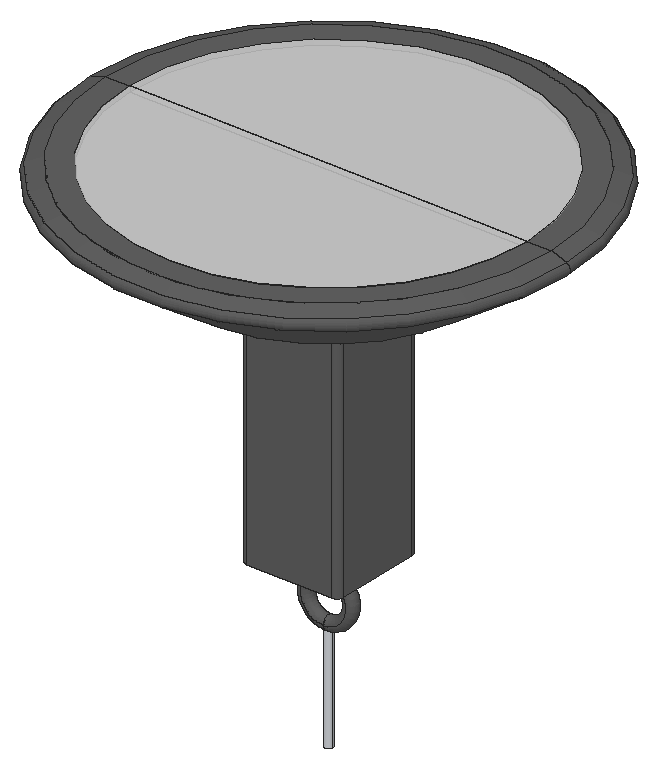
Revit family "0043899", category Lighting Fixtures, host Face, Revit 2016
Family settings
  Host = Face
  Part Type = Normal
  Round Connector Dimension = Use Diameter
  OmniClass Number = 23.80.70.00
  OmniClass Title = Lighting
  Cut with Voids When Loaded = No
  Light Source = Yes
  Shared = No
  Room Calculation Point = No
Parameters (values of type "0043899 ST Hghby HE IP66 1-10V 35000lm 840 MB")
  Weight = "kg"
  Wattage Comments = ""
  Wattage = 229 W
  WarrantyStartDate [instance] = "n/a"
  WarrantyGuarantorParts = "n/a"
  WarrantyDurationUnit = "n/a"
  WarrantyDurationParts = "n/a"
  WarrantyDescription = "n/a"
  built-in parameter 1150110 = 1 (stored number, unit not read)
  Voltage = 230 V
  URL = "http://www.sylvania-lighting.com"
  TypeName = "START  Highbay HE IP66 1-10V 35000lm 840 MB"
  Type Image = <None>
  Type Comments = "n/a"
  built-in parameter 1114217 = 1 (stored number, unit not read)
  Tilt Angle = -90.00°
  built-in parameter 1150109 = 1 (stored number, unit not read)
  built-in parameter 1150134 = 12
  SuspensionHeight_SYL [instance] = 100 mm
  built-in parameter 1150113 = 1 (stored number, unit not read)
  SerialNumber [instance] = "n/a"
  Photometric Web File = "0043899.ies"
  Material_3_SYL = none
  PowerFactor = 0.95
  PowerConsumption = "229 W"
  NominalLength = 365 mm
  NominalHeight = 360 mm
  NominalDepth = 365 mm
  Name = "START  Highbay HE IP66 1-10V 35000lm 840 MB"
  ModelReference = Name  # "START  Highbay HE IP66 1-10V 35000lm 840 MB"
  ModelNumber = "0043899"
  Model = Name  # "START  Highbay HE IP66 1-10V 35000lm 840 MB"
  Material = "adc12 housing"
  ManufacturerName = "Feilo Sylvania"
  Manufacturer = "Feilo Sylvania"
  LuminousEfficacy = "151 lm/W"
  built-in parameter 1150105 = 39107.8 (stored number, unit not read)
  Lumens = 34579 lm
  LuminaireType = ""
  built-in parameter 1150115 = 1 (stored number, unit not read)
  LightOutputRatio = "n/a"
  built-in parameter 1150137 = (empty or 0)
  built-in parameter 1150139 = (empty or 0)
  LampsType = Lamp  # "LED"
  LampNominalLuminous = "34500 lm"
  LampMacAdamStep = "n/a"
  LampColourTemperature = "4000 K"
  LampColourRenderingIndex = "80"
  built-in parameter 1150112 = 1 (stored number, unit not read)
  built-in parameter 1150114 = 1 (stored number, unit not read)
  Lamp = "LED"
  Keynote = "16500"
  InstallationDate [instance] = "n/a"
  InputVoltage = "n/a"
  InputNominalFrequency = "n/a"
  built-in parameter 1150132 = (empty or 0)
  built-in parameter 1150102 = (empty or 0)
  built-in parameter 1150107 = 4000 (stored number, unit not read)
  built-in parameter 1150138 = (empty or 0)
  IngressProtection = "n/a"
  ImpactProtectionIndex = "n/a"
  built-in parameter 1150106 = 391.08 (stored number, unit not read)
  IfcExportType = "IfcLightFixtureType"
  IfcExportAs = "IfcLightFixtureType"
  Emit from Circle Diameter = 298 mm
  Emit Shape Visible in Rendering = no
  ElectricShockClassification = "Class I"
  built-in parameter 1150104 = 14.028 (stored number, unit not read)
  DocumentationLiterature = "http://www.sylvania-lighting.com/product/en-int/products/0043899"
  DimmingControlOptions = "n/a"
  Material_2_SYL = Lens-Sylvania-START+Highbay
  Dimming Lamp Color Temperature Shift = <None>
  Description = ""
  Default Elevation = 1219.2 mm
  CreatedOn = "3/4/2019"
  CreatedBy = "@sylvania-lighting.com"
  Cost = 0
  Color Filter = 16777215
  built-in parameter 1114216 [instance] = (empty or 0)
  ClassificationValue = "EF_70_80"
  ClassificationName = "Uniclass2015"
  Material_1_SYL = Body-Sylvania-START+Highbay
  BarCode [instance] = "n/a"
  built-in parameter 1114218 = 1 (stored number, unit not read)
  built-in parameter 1150133 = 10 (stored number, unit not read)
  AssetType = "Fixed"
  AssetIdentifier [instance] = "n/a"
  Assembly Code = "D5020200"
  Apparent Load = 229 VA
  Material_4_SYL = none
Reference planes
  plane 1 "Center (Front/Back)": y = 0
  plane 2: z = 0
  plane 3 "Center (Left/Right)": x = 0
  plane 4: x = 182.5
  plane 5: x = -182.5
  plane 6: z = 100
  plane 7: z = 391
  plane 8: x = -167
  plane 9: z = 387
  plane 10: z = 378.6
  plane 11: z = 325.3
  plane 12: x = -178.7
  plane 13: x = 102
  plane 14: x = -102
  plane 15: x = 204
  plane 16: z = 126.8
  plane 17: x = -36.8
  plane 18: x = 36.8
  plane 19: y = 36.8
  plane 20: y = -36.8
  plane 21: x = -9
  plane 22: x = 9
  plane 23: z = 117.8
  plane 24: z = 112
  plane 25: z = 117
  plane 26: x = -149
  plane 27: x = -3
  plane 28: z = 84
Forms (mm)
  Revolve 1, solid, material "Body-Sylvania-START+Highbay" <- "Material_1_SYL"
    sketch origin (0, 0, 0) x (1, 0, 0) y (0, 0, 1)
      loop
        line (-149, 391) -> (-167, 391) -> (-178.7, 387)
        arc (-178.7, 387) -> (-180.896, 382.8) -> (-178.7, 378.6) r 5.115
        line (-178.7, 378.6) -> (-117.439, 336.029)
        arc (-117.439, 336.029) -> (-101.14, 328.045) -> (-83.199, 325.3) r 60
        line (-83.199, 325.3) -> (0, 325.3) -> (0, 387) -> (-149, 387) -> (-149, 391)
      axis (0, 391) -> (0, 325.3)
    angle from 360 to 0
  Extrusion 2, solid, material "Body-Sylvania-START+Highbay" <- "Material_1_SYL"
    sketch origin (1223.4, -4572, 325.3) x (0, -1, 0) y (-1, 0, 0)
      loop
        line (-4608.8, 1255.2) -> (-4608.8, 1191.6)
        arc (-4608.8, 1191.6) -> (-4607.336, 1188.064) -> (-4603.8, 1186.6) r 5
        line (-4603.8, 1186.6) -> (-4540.2, 1186.6)
        arc (-4540.2, 1186.6) -> (-4536.664, 1188.064) -> (-4535.2, 1191.6) r 5
        line (-4535.2, 1191.6) -> (-4535.2, 1255.2)
        arc (-4535.2, 1255.2) -> (-4536.664, 1258.736) -> (-4540.2, 1260.2) r 5
        line (-4540.2, 1260.2) -> (-4603.8, 1260.2)
        arc (-4603.8, 1260.2) -> (-4607.336, 1258.736) -> (-4608.8, 1255.2) r 5
    from 0 to 198.5
  Revolve 3, solid, material "Body-Sylvania-START+Highbay" <- "Material_1_SYL"
    sketch origin (0, 0, 0) x (1, 0, 0) y (0, 0, 1)
      loop
        line (0, 126.8) -> (-9, 126.8) -> (-9, 117.8) -> (0, 117.8) -> (0, 126.8)
      axis (0, 126.8) -> (0, 117.8)
    angle from 360 to 0
  Revolve 4, solid, material "Body-Sylvania-START+Highbay" <- "Material_1_SYL"
    sketch origin (0, 0, 0) x (0, 1, 0) y (0, 0, 1)
      loop
        circle (0, 117) r 5
      axis (5, 100) -> (-5, 100)
    angle from 360 to 0
  Revolve 5, solid, material "Lens-Sylvania-START+Highbay" <- "Material_2_SYL"
    sketch origin (0, 0, 0) x (1, 0, 0) y (0, 0, 1)
      loop
        line (-149, 391) -> (-149, 387) -> (0, 387) -> (0, 391) -> (-149, 391)
      axis (0, 391) -> (0, 387)
    angle from 360 to 0
  Revolve 6, solid
    sketch origin (0, 0, 0) x (1, 0, 0) y (0, 0, 1)
      loop
        line (0, 84) -> (-3, 84) -> (-3, 0) -> (0, 0) -> (0, 84)
      axis (0, 84) -> (0, 0)
    angle from 360 to 0
Cuts and joins
  joined: Revolve 3, Revolve 4
Lines and regions (mm)
  reference lines
    curve 1: circle (0, 0, 100) r 12 normal (0, -1, 0)
    curve 2: line (-167, 0, 391) -> (-178.7, 0, 387)
    curve 3: line (-102, 0, 325.3) -> (-178.7, 0, 378.6)
    curve 4: arc (-178.7, 0, 387) -> (-180.896, 0, 382.8) -> (-178.7, 0, 378.6) r 5.115
    curve 5: circle (0, 0, 117) r 5 normal (1, 0, 0)
Dimensions and locks
  "SuspensionHeight_SYL": plane 6 to host face
  locked: plane 7 to plane 6 at 291
  locked: plane 3 "Center (Left/Right)" to plane 8 at 167
  locked: plane 3 "Center (Left/Right)" to plane 5 at 182.5
  locked: plane 3 "Center (Left/Right)" to plane 12 at 178.7
  locked: plane 3 "Center (Left/Right)" to plane 14 at 102
  plane 7 to plane 9 to plane 10 to plane 11 to plane 16 = 4 mm locked, 8.4 mm locked, 53.3 mm locked, 198.5 mm locked
  equal spacing: plane 18, plane 3 "Center (Left/Right)", plane 17
  locked: plane 18 to plane 17 at 73.6
  equal spacing: plane 20, plane 1 "Center (Front/Back)", plane 19
  locked: plane 20 to plane 19 at 73.6
  equal spacing: plane 22, plane 3 "Center (Left/Right)", plane 21
  locked: plane 16 to plane 23 at 9
  locked: plane 6 to plane 24 at 12
  locked: plane 24 to plane 25 at 5
  locked: plane 3 "Center (Left/Right)" to plane 21 at 9
  locked: plane 3 "Center (Left/Right)" to plane 27 at 3
  locked: plane 6 to plane 28 at 16
  aligned and locked: plane 2 to host face
  aligned and locked: level to host face
  aligned and locked: Revolve 1 sketch curve to plane 3 "Center (Left/Right)"
  aligned and locked: Revolve 1 sketch curve to plane 7
  aligned and locked: plane 8 to Revolve 1 sketch curve
  aligned and locked: Revolve 1 sketch curve to curve 2
  aligned and locked: Revolve 1 sketch curve to curve 4
  aligned and locked: Revolve 1 sketch curve to curve 3
  aligned and locked: plane 11 to Revolve 1 sketch curve
  aligned and locked: plane 3 "Center (Left/Right)" to Revolve 1 sketch curve
  aligned and locked: Extrusion 2 sketch curve to plane 19
  aligned and locked: Extrusion 2 sketch curve to plane 17
  aligned and locked: plane 20 to Extrusion 2 sketch curve
  aligned and locked: plane 18 to Extrusion 2 sketch curve
  aligned and locked: Extrusion 2 to plane 11
  aligned and locked: plane 16 to Extrusion 2
  aligned and locked: Revolve 3 sketch curve to plane 3 "Center (Left/Right)"
  aligned and locked: Revolve 3 sketch curve to Extrusion 2
  aligned and locked: plane 3 "Center (Left/Right)" to Revolve 3 sketch curve
  aligned and locked: plane 23 to Revolve 3 sketch curve
  aligned and locked: Revolve 3 sketch curve to plane 21
  aligned and locked: plane 1 "Center (Front/Back)" to curve 5
  aligned and locked: plane 25 to curve 5
  aligned and locked: Revolve 4 sketch curve to curve 5
  aligned and locked: Revolve 4 sketch curve to plane 6
  aligned and locked: Revolve 1 sketch curve to plane 26
  aligned and locked: plane 9 to Revolve 1 sketch curve
  aligned and locked: Revolve 5 sketch curve to plane 3 "Center (Left/Right)"  (x2)
  aligned and locked: Revolve 1 to Revolve 5 sketch curve  (x2)
  aligned and locked: Revolve 5 sketch curve to Revolve 1
  aligned and locked: Revolve 6 sketch curve to plane 3 "Center (Left/Right)"
  aligned and locked: plane 3 "Center (Left/Right)" to Revolve 6 sketch curve
  aligned and locked: Revolve 6 sketch curve to level
  aligned and locked: Revolve 6 sketch curve to plane 27
  aligned and locked: imposter light to plane 1 "Center (Front/Back)"
  aligned and locked: imposter light to plane 7
  aligned and locked: plane 3 "Center (Left/Right)" to imposter light
Automatic sketch dimensions
  host sketch curve to host sketch curve = 2438.4 mm  (x2)
  curve 3 to plane 10 = 0 mm
  curve 3 to plane 12 = 0 mm
  curve 2 to plane 9 = 0 mm
  curve 2 to plane 12 = 0 mm
  curve 2 to plane 7 = 0 mm
  curve 2 to plane 8 = 0 mm
  curve 3 to plane 11 = 0 mm
  curve 3 to plane 14 = 0 mm
  curve 1 to plane 3 "Center (Left/Right)" = 0 mm
  curve 1 to plane 6 = 0 mm
  plane 12 to curve 4 = 2.919 mm
  plane 19 to Extrusion 2 sketch curve = 5 mm  (x2)
  plane 1 "Center (Front/Back)" to Extrusion 2 sketch curve = 31.8 mm
  Extrusion 2 sketch curve to plane 20 = 5 mm
  Revolve 3 sketch curve to level = 609.6 mm
  Revolve 3 sketch curve to plane 7 = 2308.058 mm
  plane 20 to Revolve 4 sketch curve = 2518.141 mm
  Revolve 4 sketch curve to plane 19 = 2060.609 mm
  Revolve 1 sketch curve to plane 10 = 0 mm
  Revolve 1 sketch curve to plane 11 = 10.729 mm
  plane 9 to Revolve 1 sketch curve = 1.7 mm
  Revolve 1 sketch curve to level = 609.6 mm
  Revolve 1 sketch curve to plane 7 = 2308.058 mm
  Revolve 5 sketch curve to level = 609.6 mm
  Revolve 5 sketch curve to Revolve 5 sketch curve = 2308.058 mm
  Revolve 6 sketch curve to plane 28 = 0 mm
  Revolve 6 sketch curve to level = 609.6 mm
  Revolve 6 sketch curve to plane 7 = 1818.058 mm
  radius of curve 1 = 12 mm
  radius of curve 5 = 5 mm
Connectors
  electrical at (0, 0, 325.3), driven by "Voltage", driven by "Apparent Load", driven by "PowerFactor"
    settings: on Extrusion 2, index 1, voltage 230 V, apparent load 0 VA, apparent load phase1 229 VA, apparent load phase2 0 VA, apparent load phase3 0 VA, power factor 0.95, load classification "Other", number of poles 1, system type 31, power factor state 1, is connector primary yes, connector utility no, sub classification motor no, connector description ""
